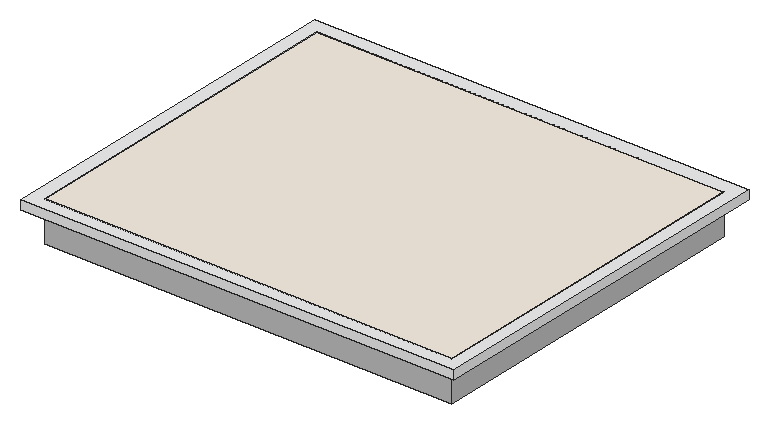
Revit family "Lighting-Industriale-GEWISS-ELIA-HL-LED_RIFLETTORE", category Apparecchi per illuminazione, host Superficie, Revit 2019 (continued)
Types (12, lengths in mm): name | Tensione | Scheda Tecnica | Potenza di sistema | Peso (kg): | Peso (kg) | Ottica | built-in parameter 1150142 | Lumen output (lm) | Modello | IDT | File diagramma fotometrico | Description
    \r\n162.45 150.20 138.26 126.63 115.49 105.08 95.25 85.91 \r\n76.98 68.33 59.98 51.84 44.12 36.98 30.35 24.13 18.45 \r\n13.35 9.08 5.95 3.86 2.80 2.80 \r\n8062.88 8063.68 8064.49 8066.90 8069.32 8072.54 8076.56 \r\n8081.39 8086.22 8091.86 8099.10 8105.54 8112.79 8120.84 \r\n8128.89 8137.74 8146.60 8156.26 8165.11 8174.77 8184.43 \r\n8194.09 8202.95 8212.61 8221.46 8229.51 8237.56 8244.00 \r\n8250.44 8256.08 8260.10 8263.32 8264.13 8264.93 8264.13 \r\n8261.71 8257.69 8252.86 8244.81 8235.15 8223.07 8208.58 \r\n8193.29 8173.97 8153.84 8131.30 8107.15 8079.78 8050.00 \r\n8018.60 7983.99 7946.15 7905.10 7861.63 7813.33 7761.81 \r\n7705.46 7644.28 7578.27 7507.43 7430.95 7348.04 7259.49 \r\n7166.11 7067.09 6963.25 6852.16 6734.63 6609.85 6477.83 \r\n6334.54 6175.96 6010.13 5844.30 5678.47 5511.83 5347.61 \r\n5186.61 5028.03 4867.83 4712.47 4564.35 4421.86 4285.01 \r\n4153.80 4026.61 3901.83 3779.48 3661.95 3551.66 3446.21 \r\n3343.17 3241.74 3139.50 3039.68 2943.08 2849.70 2758.74 \r\n2670.99 2584.86 2500.33 2419.03 2340.14 2265.27 2192.02 \r\n2117.96 2044.70 1973.06 1901.41 1829.77 1757.32 1688.89 \r\n1622.88 1557.19 1492.95 1429.28 1367.53 1308.77 1253.38 \r\n1202.11 1154.37 1109.93 1068.07 1028.07 989.51 951.91 \r\n914.80 876.97 839.29 802.59 766.68 731.34 696.81 663.32 \r\n631.12 601.25 572.60 544.42 517.13 490.57 465.53 443.47 \r\n422.95 402.74 382.62 361.61 341.00 322.16 304.13 286.26 \r\n268.95 252.61 237.31 223.39 210.43 198.35 186.52 174.04 \r\n161.56 149.61 137.90 126.38 115.28 104.88 95.05 85.76 \r\n76.89 68.26 59.93 51.83 44.15 37.04 30.39 24.14 18.43 \r\n13.33 9.07 5.94 3.85 2.80 2.79 \r\n8062.88 8063.68 8064.49 8066.90 8069.32 8071.73 8076.56 \r\n8080.59 8086.22 8092.66 8098.30 8104.74 8112.79 8120.03 \r\n8128.89 8136.94 8146.60 8155.45 8164.31 8173.97 8183.63 \r\n8192.48 8202.95 8211.80 8221.46 8229.51 8236.76 8244.00 \r\n8250.44 8255.27 8260.10 8263.32 8264.93 8264.93 8264.93 \r\n8262.52 8258.49 8252.86 8246.42 8236.76 8224.68 8211.00 \r\n8195.70 8176.38 8156.26 8134.52 8109.57 8083.00 8054.02 \r\n8022.63 7988.01 7950.98 7910.73 7866.46 7819.77 7767.44 \r\n7711.09 7650.72 7584.71 7514.67 7439.00 7356.89 7268.34 \r\n7176.57 7078.36 6974.52 6864.23 6747.51 6622.73 6491.52 \r\n6349.03 6190.45 6023.81 5857.18 5688.93 5522.30 5358.08 \r\n5197.88 5039.30 4877.49 4719.71 4569.98 4425.89 4287.43 \r\n4154.60 4025.80 3901.03 3778.67 3661.14 3551.66 3446.21 \r\n3343.17 3241.74 3139.50 3039.68 2943.08 2848.89 2758.74 \r\n2670.99 2585.66 2501.14 2419.03 2340.14 2265.27 2191.21 \r\n2117.96 2044.70 1973.06 1902.22 1828.96 1756.51 1688.09 \r\n1622.08 1556.23 1492.07 1428.23 1366.17 1307.16 1251.37 \r\n1199.69 1151.55 1106.96 1065.02 1024.93 986.37 948.85 \r\n911.74 873.99 836.40 799.77 763.70 728.53 694.15 660.50 \r\n628.22 598.36 569.86 542.01 514.96 488.39 463.36 441.46 \r\n420.93 400.89 380.85 359.84 339.23 320.55 302.76 285.05 \r\n267.98 251.72 236.51 222.42 209.30 197.23 185.47 173.08 \r\n160.81 149.07 137.58 126.14 115.09 104.71 94.89 85.64 \r\n76.81 68.19 59.87 51.82 44.15 37.05 30.42 24.15 18.42 \r\n13.31 9.05 5.93 3.85 2.81 2.79 \r\n8062.88 8063.68 8065.29 8066.90 8069.32 8072.54 8075.76 \r\n8080.59 8086.22 8091.86 8098.30 8104.74 8111.98 8120.03 \r\n8128.08 8136.13 8145.79 8155.45 8164.31 8173.97 8183.63 \r\n8192.48 8202.14 8211.00 8219.85 8228.71 8235.95 8243.20 \r\n8249.64 8255.27 8260.10 8262.52 8264.93 8265.74 8265.74 \r\n8262.52 8259.30 8254.47 8248.03 8238.37 8227.10 8213.41 \r\n8197.31 8179.60 8160.28 8136.94 8113.59 8087.03 8058.85 \r\n8027.46 7993.65 7955.81 7915.56 7872.09 7825.40 7773.88 \r\n7717.53 7657.96 7593.56 7523.53 7447.86 7366.55 7279.61 \r\n7187.04 7089.63 6986.59 6877.11 6760.39 6637.22 6506.01 \r\n6364.33 6205.74 6039.11 5870.86 5701.81 5534.37 5369.35 \r\n5209.96 5049.76 4887.15 4727.76 4575.62 4429.91 4290.65 \r\n4156.21 4025.80 3901.03 3778.67 3661.95 3552.47 3446.21 \r\n3343.17 3240.93 3139.50 3039.68 2942.28 2848.89 2758.74 \r\n2670.99 2584.86 2501.14 2419.03 2339.33 2263.66 2190.41 \r\n2117.15 2043.90 1972.25 1900.61 1827.35 1754.90 1687.28 \r\n1620.22 1554.70 1490.54 1426.62 1364.48 1305.15 1248.96 \r\n1196.95 1148.49 1103.65 1061.63 1021.55 983.07 945.63 \r\n908.60 870.93 833.58 796.79 760.73 725.55 691.33 657.60 \r\n625.24 595.46 567.04 539.43 512.70 486.22 461.27 439.37 \r\n418.92 398.88 378.99 357.98 337.62 318.94 301.31 283.84 \r\n266.94 250.84 235.62 221.54 208.33 196.18 184.51 172.27 \r\n160.14 148.59 137.28 125.93 114.92 104.57 94.76 85.53 \r\n76.72 68.11 59.80 51.76 44.15 37.06 30.43 24.13 18.39 \r\n13.28 9.03 5.92 3.85 2.81 2.79 \r\n8062.88 8063.68 8065.29 8066.90 8069.32 8072.54 8075.76 \r\n8080.59 8086.22 8091.86 8097.49 8103.93 8111.98 8120.03 \r\n8128.08 8136.13 8144.99 8154.65 8164.31 8173.16 8182.82 \r\n8191.68 8201.34 8210.19 8219.85 8228.71 8235.95 8243.20 \r\n8249.64 8256.08 8260.10 8263.32 8265.74 8266.54 8266.54 \r\n8264.93 8261.71 8256.08 8248.83 8240.78 8229.51 8216.63 \r\n8200.53 8182.82 8163.50 8141.77 8117.62 8091.86 8063.68 \r\n8033.09 7998.48 7962.25 7922.81 7880.14 7833.45 7781.93 \r\n7726.39 7667.62 7603.22 7533.99 7459.13 7377.82 7290.88 \r\n7199.92 7103.32 7000.28 6890.80 6774.88 6652.52 6522.11 \r\n6381.23 6224.26 6057.62 5887.77 5717.91 5548.86 5383.03 \r\n5220.42 5058.62 4895.20 4735.01 4582.86 4436.35 4295.48 \r\n4159.43 4029.83 3903.44 3781.89 3665.17 3554.88 3447.01 \r\n3342.36 3239.32 3137.89 3038.07 2940.67 2845.68 2756.32 \r\n2667.77 2581.64 2497.92 2415.00 2335.31 2259.64 2185.58 \r\n2111.52 2039.07 1966.62 1895.78 1823.33 1750.88 1682.45 \r\n1616.12 1551.24 1487.48 1424.21 1362.46 1302.89 1246.30 \r\n1193.98 1145.35 1100.52 1058.58 1018.65 980.33 943.22 \r\n906.43 868.92 831.65 795.02 759.20 723.94 689.56 655.91 \r\n623.79 593.85 565.35 537.74 511.18 484.85 460.06 438.08 \r\n417.47 397.43 377.46 356.62 336.41 317.89 300.26 282.80 \r\n266.13 250.11 234.90 220.89 207.69 195.70 183.94 172.03 \r\n160.07 148.49 137.11 125.77 114.81 104.51 94.74 85.50 \r\n76.64 68.01 59.67 51.62 44.00 36.92 30.28 24.01 18.31 \r\n13.21 8.97 5.90 3.86 2.82 2.79 \r\n8062.88 8063.68 8065.29 8066.90 8069.32 8072.54 8075.76 \r\n8080.59 8085.42 8091.86 8097.49 8103.93 8111.98 8119.23 \r\n8127.28 8135.33 8144.99 8153.84 8163.50 8173.16 8182.82 \r\n8191.68 8200.53 8210.19 8219.05 8227.90 8235.95 8242.39 \r\n8248.83 8255.27 8260.10 8264.13 8266.54 8268.15 8267.35 \r\n8265.74 8262.52 8257.69 8251.25 8243.20 8231.93 8219.05 \r\n8203.75 8186.85 8167.53 8145.79 8122.45 8096.69 8068.51 \r\n8037.92 8004.92 7968.69 7929.25 7887.39 7840.70 7790.79 \r\n7736.05 7677.28 7613.69 7544.46 7470.40 7389.90 7304.57 \r\n7212.80 7116.20 7013.16 6905.29 6789.37 6667.81 6539.01 \r\n6399.75 6243.58 6077.75 5907.09 5734.82 5564.96 5395.91 \r\n5230.89 5067.47 4903.25 4743.06 4590.91 4442.79 4300.31 \r\n4163.46 4033.05 3907.47 3785.92 3669.19 3557.30 3448.62 \r\n3342.36 3237.71 3136.28 3035.66 2938.25 2844.07 2753.10 \r\n2664.55 2577.61 2493.09 2410.98 2331.28 2254.00 2179.94 \r\n2105.88 2033.43 1960.98 1890.14 1818.50 1746.85 1677.62 \r\n1612.09 1547.13 1483.86 1421.31 1360.05 1300.32 1243.40 \r\n1190.92 1142.13 1097.38 1055.44 1015.75 977.67 940.72 \r\n904.18 866.82 829.71 793.41 757.75 722.33 687.79 654.47 \r\n622.51 592.40 563.66 536.13 509.65 483.64 459.01 436.87 \r\n416.10 395.90 375.94 355.33 335.20 316.77 299.22 281.91 \r\n265.25 249.39 234.34 220.33 207.21 195.13 183.54 171.79 \r\n160.11 148.45 136.95 125.62 114.70 104.46 94.72 85.46 \r\n76.56 67.89 59.53 51.47 43.82 36.73 30.11 23.88 18.20 \r\n13.13 8.91 5.88 3.86 2.83 2.78 \r\n8062.88 8063.68 8065.29 8066.90 8069.32 8072.54 8075.76 \r\n8080.59 8085.42 8091.05 8097.49 8103.93 8111.18 8119.23 \r\n8127.28 8135.33 8144.18 8153.84 8163.50 8172.36 8182.02 \r\n8190.87 8200.53 8209.39 8218.24 8227.10 8235.15 8242.39 \r\n8248.83 8255.27 8260.10 8264.13 8268.15 8268.96 8268.96 \r\n8267.35 8264.93 8260.10 8253.66 8244.00 8234.34 8221.46 \r\n8206.17 8190.07 8171.55 8150.62 8127.28 8101.52 8074.95 \r\n8044.36 8011.36 7975.94 7937.30 7895.44 7848.75 7799.64 \r\n7745.71 7687.75 7624.15 7556.53 7482.47 7402.78 7317.45 \r\n7227.29 7130.69 7027.65 6918.97 6805.47 6684.72 6556.72 \r\n6417.46 6263.70 6098.68 5927.21 5752.53 5581.06 5410.40 \r\n5242.16 5075.52 4912.11 4751.91 4598.96 4450.84 4306.75 \r\n4167.48 4037.07 3912.30 3790.75 3673.22 3560.52 3449.43 \r\n3342.36 3236.91 3133.87 3034.05 2935.84 2840.85 2749.08 \r\n2660.53 2573.59 2489.06 2406.95 2326.45 2248.37 2173.50 \r\n2099.44 2026.19 1955.35 1884.51 1812.06 1742.02 1673.60 \r\n1607.18 1542.86 1479.99 1418.09 1357.39 1297.58 1240.34 \r\n1187.70 1138.83 1094.08 1052.30 1012.77 974.94 938.23 \r\n902.00 864.81 827.78 791.80 756.30 720.80 686.18 652.94 \r\n621.22 590.95 562.13 534.60 508.20 482.44 458.05 435.83 \r\n414.90 394.53 374.49 354.04 334.16 315.80 298.25 281.03 \r\n264.36 248.58 233.69 219.77 206.72 194.65 183.22 171.71 \r\n160.19 148.44 136.79 125.48 114.61 104.42 94.73 85.43 \r\n76.48 67.76 59.38 51.30 43.64 36.54 29.91 23.73 18.10 \r\n13.05 8.85 5.85 3.87 2.84 2.78 \r\n8062.88 8063.68 8065.29 8066.90 8069.32 8072.54 8075.76 \r\n8080.59 8085.42 8091.05 8097.49 8103.93 8111.18 8119.23 \r\n8127.28 8135.33 8143.38 8153.84 8162.70 8172.36 8182.02 \r\n8190.87 8199.73 8209.39 8218.24 8226.29 8235.15 8241.59 \r\n8248.83 8255.27 8260.10 8264.93 8268.15 8270.57 8270.57 \r\n8268.96 8265.74 8260.91 8254.47 8246.42 8236.76 8224.68 \r\n8210.19 8194.09 8174.77 8154.65 8132.11 8107.15 8079.78 \r\n8050.80 8017.80 7982.38 7944.54 7902.68 7857.60 7808.50 \r\n7755.37 7697.41 7635.42 7567.80 7494.55 7416.46 7331.13 \r\n7241.78 7145.18 7042.94 6935.07 6820.76 6700.01 6573.63 \r\n6436.78 6283.83 6119.61 5947.34 5771.04 5597.97 5425.70 \r\n5253.43 5085.99 4920.96 4760.77 4607.01 4457.28 4312.38 \r\n4172.31 4041.90 3916.32 3795.58 3678.85 3563.74 3451.04 \r\n3341.56 3235.30 3132.26 3031.63 2933.42 2837.63 2745.86 \r\n2656.50 2568.76 2484.23 2402.12 2321.62 2243.54 2167.06 \r\n2092.20 2019.75 1948.91 1878.07 1807.23 1736.38 1668.77 \r\n1602.35 1538.36 1475.89 1414.71 1354.49 1294.60 1237.20 \r\n1184.48 1135.61 1090.86 1049.16 1009.79 972.28 935.81 \r\n899.83 862.80 825.85 790.19 754.85 719.27 684.41 651.49 \r\n620.01 589.66 560.60 533.07 506.67 481.23 457.16 434.86 \r\n413.69 393.16 373.12 352.83 333.19 314.84 297.37 280.14 \r\n263.48 247.86 233.13 219.28 206.32 194.33 182.90 171.63 \r\n160.30 148.43 136.62 125.32 114.50 104.39 94.73 85.39 \r\n76.39 67.64 59.22 51.13 43.45 36.33 29.72 23.57 18.00 \r\n12.97 8.80 5.83 3.89 2.85 2.77 \r\n8062.88 8063.68 8065.29 8066.90 8069.32 8072.54 8075.76 \r\n8080.59 8085.42 8091.05 8097.49 8103.93 8111.18 8119.23 \r\n8127.28 8135.33 8143.38 8152.23 8162.70 8172.36 8181.21 \r\n8190.87 8199.73 8208.58 8217.44 8226.29 8234.34 8241.59 \r\n8248.83 8255.27 8260.10 8265.74 8268.96 8271.37 8271.37 \r\n8270.57 8267.35 8263.32 8256.88 8248.83 8238.37 8227.10 \r\n8213.41 8197.31 8178.80 8159.48 8136.94 8111.98 8086.22 \r\n8055.63 8024.24 7990.43 7951.79 7910.73 7865.65 7818.16 \r\n7765.83 7708.68 7646.69 7579.88 7506.62 7429.34 7344.82 \r\n7255.46 7159.67 7057.43 6949.56 6836.86 6717.72 6591.34 \r\n6455.29 6303.95 6141.34 5968.27 5790.36 5614.87 5440.19 \r\n5266.31 5094.84 4929.82 4769.62 4615.06 4465.33 4318.02 \r\n4177.14 4046.73 3921.96 3800.41 3682.88 3566.15 3452.64 \r\n3341.56 3234.49 3130.64 3029.22 2931.01 2834.41 2741.83 \r\n2651.67 2563.93 2478.60 2397.29 2316.79 2237.09 2159.82 \r\n2085.76 2013.31 1941.66 1872.43 1801.59 1731.56 1663.93 \r\n1597.76 1533.85 1471.70 1411.08 1351.43 1291.54 1234.15 \r\n1181.34 1132.39 1087.72 1046.18 1006.97 969.54 933.40 \r\n897.58 860.71 824.00 788.42 753.32 717.58 682.64 650.04 \r\n618.88 588.37 559.15 531.54 505.30 480.18 456.27 433.98 \r\n412.56 391.87 371.83 351.70 332.30 314.11 296.56 279.34 \r\n262.75 247.22 232.56 218.80 205.92 193.92 182.57 171.55 \r\n160.37 148.39 136.42 125.15 114.40 104.34 94.72 85.34 \r\n76.27 67.51 59.06 50.94 43.25 36.12 29.53 23.43 17.90 \r\n12.90 8.75 5.82 3.90 2.87 2.77 \r\n8062.88 8063.68 8065.29 8066.90 8069.32 8072.54 8075.76 \r\n8080.59 8085.42 8091.05 8096.69 8103.13 8111.18 8118.42 \r\n8126.47 8134.52 8142.57 8152.23 8161.09 8171.55 8181.21 \r\n8190.07 8198.92 8208.58 8216.63 8225.49 8233.54 8241.59 \r\n8248.03 8255.27 8260.91 8265.74 8269.76 8271.37 8272.98 \r\n8272.18 8268.96 8264.93 8258.49 8250.44 8241.59 8230.32 \r\n8215.83 8200.53 8182.82 8163.50 8140.96 8116.81 8091.05 \r\n8062.07 8030.68 7996.87 7959.84 7918.78 7874.51 7827.01 \r\n7775.49 7719.14 7657.96 7591.95 7519.50 7442.22 7359.31 \r\n7269.15 7174.16 7071.92 6964.86 6852.96 6733.82 6608.24 \r\n6474.61 6324.08 6163.08 5989.20 5810.49 5632.58 5455.48 \r\n5279.19 5106.11 4940.28 4780.09 4623.92 4472.58 4324.46 \r\n4182.78 4051.56 3926.79 3805.24 3686.90 3569.37 3455.06 \r\n3342.36 3233.69 3128.23 3026.80 2927.79 2831.99 2738.61 \r\n2646.84 2559.10 2473.77 2391.66 2311.96 2231.46 2154.18 \r\n2079.32 2006.06 1936.03 1866.80 1796.76 1727.53 1659.91 \r\n1593.50 1529.58 1467.60 1407.30 1348.13 1288.48 1230.93 \r\n1178.20 1129.33 1084.74 1043.28 1004.16 966.89 930.90 \r\n895.32 858.53 821.90 786.65 751.71 715.89 680.95 648.75 \r\n617.84 587.25 557.70 530.09 503.85 479.06 455.55 433.01 \r\n411.52 390.75 370.54 350.66 331.42 313.31 295.92 278.53 \r\n261.95 246.49 232.08 218.40 205.60 193.68 182.41 171.47 \r\n160.43 148.29 136.19 124.95 114.29 104.27 94.68 85.27 \r\n76.15 67.36 58.91 50.76 43.08 35.94 29.34 23.29 17.81 \r\n12.84 8.71 5.82 3.92 2.89 2.77 \r\n8062.88 8063.68 8065.29 8066.90 8069.32 8072.54 8075.76 \r\n8080.59 8085.42 8091.05 8096.69 8103.13 8110.37 8117.62 \r\n8126.47 8134.52 8142.57 8151.43 8161.09 8170.75 8180.41 \r\n8189.26 8198.92 8207.78 8215.83 8224.68 8232.73 8240.78 \r\n8248.03 8254.47 8260.91 8265.74 8269.76 8272.18 8272.98 \r\n8272.98 8270.57 8266.54 8260.10 8252.86 8243.20 8231.93 \r\n8219.05 8203.75 8186.85 8167.53 8145.79 8122.45 8095.88 \r\n8066.90 8035.51 8002.50 7965.47 7925.22 7881.75 7835.06 \r\n7784.35 7728.80 7667.62 7602.42 7530.77 7454.30 7372.19 \r\n7282.83 7187.84 7087.22 6979.35 6868.26 6749.92 6625.95 \r\n6491.52 6343.40 6182.40 6008.52 5828.20 5650.29 5473.19 \r\n5296.09 5120.60 4952.36 4789.75 4632.77 4480.63 4330.90 \r\n4187.61 4054.78 3929.20 3807.65 3689.32 3572.59 3458.28 \r\n3344.78 3234.49 3127.43 3025.19 2926.18 2829.58 2735.39 \r\n2643.62 2555.07 2468.93 2386.83 2307.13 2227.43 2149.35 \r\n2074.49 2002.04 1932.81 1862.77 1794.35 1725.12 1657.50 \r\n1591.16 1526.68 1463.89 1403.28 1343.95 1284.78 1228.03 \r\n1175.62 1126.76 1082.16 1040.70 1001.58 964.31 928.17 \r\n892.58 855.88 819.41 784.23 749.29 713.55 678.78 646.98 \r\n616.55 585.80 556.17 528.40 502.16 477.77 454.50 432.20 \r\n410.63 389.70 369.50 349.77 330.86 312.82 295.35 277.81 \r\n261.06 245.85 231.60 218.07 205.28 193.36 182.01 170.98 \r\n159.86 147.72 135.65 124.56 114.04 104.06 94.47 85.06 \r\n75.95 67.19 58.77 50.65 42.97 35.84 29.25 23.22 17.77 \r\n12.83 8.72 5.84 3.94 2.91 2.77 \r\n8062.88 8063.68 8065.29 8066.90 8069.32 8071.73 8075.76 \r\n8080.59 8085.42 8091.05 8096.69 8103.13 8110.37 8117.62 \r\n8126.47 8133.72 8141.77 8151.43 8160.28 8169.94 8179.60 \r\n8189.26 8198.12 8206.17 8215.83 8224.68 8232.73 8240.78 \r\n8247.22 8254.47 8260.10 8265.74 8269.76 8272.98 8273.79 \r\n8273.79 8271.37 8267.35 8262.52 8254.47 8245.61 8234.34 \r\n8221.46 8206.97 8189.26 8170.75 8149.82 8126.47 8099.91 \r\n8071.73 8041.14 8008.14 7971.11 7932.47 7889.00 7843.11 \r\n7792.40 7737.66 7678.09 7612.88 7542.04 7466.37 7384.26 \r\n7296.52 7201.53 7100.90 6994.64 6884.36 6766.83 6642.86 \r\n6508.42 6361.11 6200.91 6027.84 5846.71 5668.81 5490.10 \r\n5312.19 5136.70 4966.04 4801.02 4640.82 4487.07 4336.53 \r\n4192.44 4058.00 3931.62 3810.07 3690.93 3575.01 3461.50 \r\n3347.19 3235.30 3127.43 3023.58 2923.76 2827.16 2732.17 \r\n2640.40 2550.24 2464.91 2382.80 2303.11 2223.41 2146.13 \r\n2071.27 1998.82 1928.78 1860.36 1791.93 1723.51 1655.88 \r\n1589.31 1524.11 1460.59 1399.33 1339.76 1281.24 1225.29 \r\n1173.13 1124.50 1079.83 1038.29 999.17 961.73 925.59 \r\n889.85 853.22 816.91 781.57 746.64 711.06 676.60 645.29 \r\n615.26 584.43 554.56 526.79 500.71 476.48 453.54 431.32 \r\n409.75 388.73 368.37 348.97 330.37 312.34 294.95 277.24 \r\n260.34 245.28 231.20 217.67 204.95 193.04 181.69 170.58 \r\n159.27 147.11 135.09 124.14 113.77 103.84 94.24 84.83 \r\n75.73 67.00 58.62 50.54 42.89 35.77 29.20 23.18 17.75 \r\n12.83 8.74 5.87 3.97 2.93 2.78 \r\n8062.88 8063.68 8065.29 8066.90 8069.32 8071.73 8075.76 \r\n8080.59 8085.42 8091.05 8096.69 8103.13 8110.37 8116.81 \r\n8125.67 8133.72 8141.77 8150.62 8160.28 8169.14 8178.80 \r\n8187.65 8197.31 8206.17 8215.02 8223.88 8231.93 8239.98 \r\n8247.22 8253.
